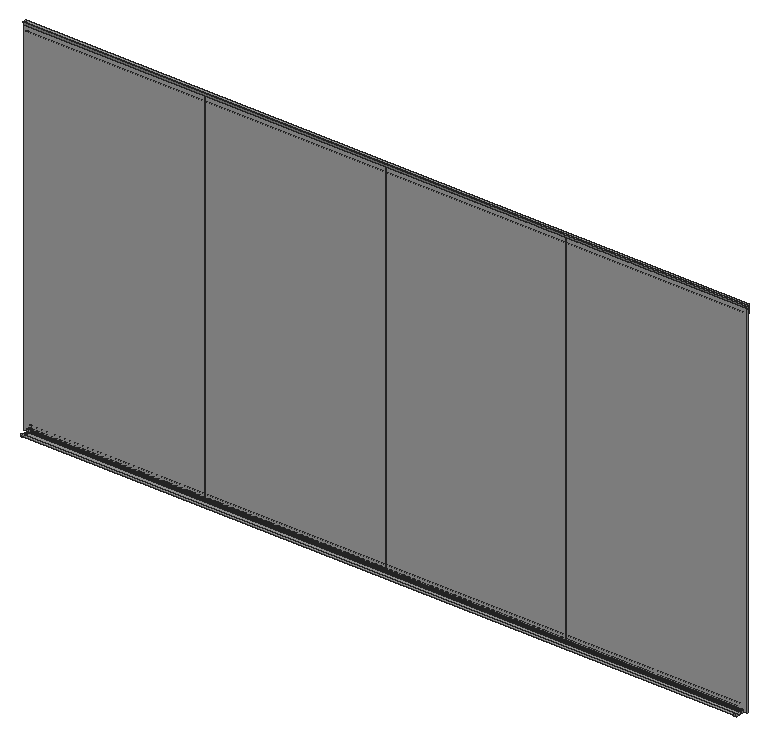
Revit family "Fluent Glass Wall 8x16", category Generic Models, Revit 2018
Family settings
  Can host rebar = No
  Round Connector Dimension = Use Diameter
  Part Type = Normal
  Work Plane-Based = No
  Always vertical = Yes
  Cut with Voids When Loaded = No
  Shared = No
  Room Calculation Point = No
Parameters
  Panel #4 = Fluent Glass Wall 8x16 Panel #4
  Panel #3 = Fluent Glass Wall 8x16 Panel #3
  Panel #2 = Fluent Glass Wall 8x16 Panel #2
  Panel #1 = Fluent Glass Wall 8x16 Panel #1
Reference planes (in)
  plane 1 "Center (Front/Back)": y = 0
  plane 2: z = 0
  plane 3 "Center (Left/Right)": x = 0
Forms (in)
  Extrusion 1, solid, material "Fluent Glass Wall Trim Metal"
    sketch origin (-47.24409, 0, -11.96875) x (0, 1, 0) y (0, 0, 1)
      loop
        line (-0.28802, 12.71551) -> (-0.28802, 12.22363) -> (-0.48802, 12.22363) -> (-0.48802, 12.77363) -> (-0.60087, 12.77363)
        arc (-0.60087, 12.77363) -> (-0.62209, 12.76485) -> (-0.63087, 12.74363) r 0.03
        line (-0.63087, 12.74363) -> (-0.63087, 12.45418)
        arc (-0.63087, 12.45418) -> (-0.67788, 12.32564) -> (-0.79672, 12.25776) r 0.19924
        arc (-0.79672, 12.25776) -> (-0.86084, 12.24904) -> (-0.92548, 12.24613) r 0.7187
        line (-0.92548, 12.24613) -> (-1.97548, 12.24613)
        arc (-1.97548, 12.24613) -> (-2.26159, 12.30205) -> (-2.50559, 12.4616) r 0.75985
        arc (-2.50559, 12.4616) -> (-2.80704, 12.55283) -> (-2.79142, 12.23827) r 0.19261
        arc (-2.79142, 12.23827) -> (-2.48945, 12.06146) -> (-2.14496, 12) r 0.99607
        line (-2.14496, 12) -> (0, 12) -> (0, 12.30193)
        arc (0, 12.30193) -> (-0.0275, 12.32943) -> (-0.055, 12.30193) r 0.0275
        line (-0.055, 12.30193) -> (-0.055, 12.20843) -> (-0.20802, 12.20843) -> (-0.20802, 12.69439) -> (-0.0848, 12.81762)
        arc (-0.0848, 12.81762) -> (-0.06815, 12.82253) -> (-0.055, 12.81121) r 0.01814
        line (-0.055, 12.81121) -> (-0.055, 12.65693)
        arc (-0.055, 12.65693) -> (-0.0275, 12.62943) -> (0, 12.65693) r 0.0275
        line (0, 12.65693) -> (0, 13.70847)
        arc (0, 13.70847) -> (-0.03996, 13.74843) -> (-0.07993, 13.70847) r 0.03996
        line (-0.07993, 13.70847) -> (-0.07993, 13.62094)
        arc (-0.07993, 13.62094) -> (-0.07047, 13.60109) -> (-0.05, 13.59302) r 0.03
        line (-0.05, 13.59302) -> (-0.05, 13.15338)
        arc (-0.05, 13.15338) -> (-0.07121, 13.14459) -> (-0.08, 13.12338) r 0.03
        line (-0.08, 13.12338) -> (-0.08, 12.92353) -> (-0.28802, 12.71551)
    from -46.26181 to 140.75
  Extrusion 2, solid, material "Fluent Glass Wall Trim Metal"
    sketch origin (-47.24409, 0, 12.64022) x (0, 1, 0) y (0, 0, 1)
      loop
        line (0, 83.35978) -> (-0.645, 83.35978)
        arc (-0.645, 83.35978) -> (-0.73852, 83.31739) -> (-0.76829, 83.21911) r 0.12436
        arc (-0.76829, 83.21911) -> (-0.57148, 82.66433) -> (-0.166, 82.23759) r 1.41542
        line (-0.166, 82.23759) -> (-0.166, 82.19574)
        arc (-0.166, 82.19574) -> (-0.16235, 82.17737) -> (-0.15194, 82.1618) r 0.048
        line (-0.15194, 82.1618) -> (-0.1, 82.10985) -> (-0.1, 81.00078)
        arc (-0.1, 81.00078) -> (-0.05, 80.95078) -> (0, 81.00078) r 0.05
        line (0, 81.00078) -> (0, 83.35978)
    from -47.24409 to 141.73228
  Extrusion 3, solid, material "Fluent Glass Wall 8x16 Panel #2" <- "Panel #2"
    sketch origin (-47.24409, 0, 0) x (0, 1, 0) y (0, 0, 1)
      loop
        line (-0.48802, 0.25488) -> (-0.28802, 0.25488) -> (-0.28802, 95.73) -> (-0.48802, 95.73) -> (-0.48802, 0.25488)
    from 0 to 47.24409
  Extrusion 4, solid, material "Fluent Glass Wall 8x16 Panel #1" <- "Panel #1"
    sketch origin (-47.24409, 0, 0) x (0, 1, 0) y (0, 0, -1)
      loop
        line (-0.48802, -0.25488) -> (-0.48802, -95.73) -> (-0.28802, -95.73) -> (-0.28802, -0.25488) -> (-0.48802, -0.25488)
    from 0 to 47.24409
  Extrusion 5, solid, material "Fluent Glass Wall Trim Black"
    sketch origin (-47.24409, 0, -11.96875) x (0, 1, 0) y (0, 0, -1)
      loop
        line (-0.48802, -12.80488) -> (-0.48802, -11.96875) -> (-2.14496, -11.96875)
        arc (-2.14496, -11.96875) -> (-2.49924, -12.03177) -> (-2.81005, -12.2131) r 1.02732
        arc (-2.81005, -12.2131) -> (-2.82851, -12.57569) -> (-2.47857, -12.47895) r 0.22386
        arc (-2.47857, -12.47895) -> (-2.24646, -12.32965) -> (-1.97548, -12.27738) r 0.7286
        line (-1.97548, -12.27738) -> (-0.92548, -12.27738)
        arc (-0.92548, -12.27738) -> (-0.86355, -12.28017) -> (-0.80213, -12.28853) r 0.68745
        arc (-0.80213, -12.28853) -> (-0.70181, -12.34573) -> (-0.66212, -12.45418) r 0.16799
        line (-0.66212, -12.45418) -> (-0.66212, -12.74363)
        arc (-0.66212, -12.74363) -> (-0.64418, -12.78694) -> (-0.60087, -12.80488) r 0.06125
        line (-0.60087, -12.80488) -> (-0.48802, -12.80488)
    from 45.75863 to 46.29027
  Extrusion 6, solid, material "Fluent Glass Wall 8x16 Panel #3" <- "Panel #3"
    sketch origin (0, 0, 0) x (0, 1, 0) y (0, 0, 1)
      loop
        line (-0.48802, 0.25488) -> (-0.28802, 0.25488) -> (-0.28802, 95.73) -> (-0.48802, 95.73) -> (-0.48802, 0.25488)
    from 0 to 47.24409
  Extrusion 7, solid, material "Fluent Glass Wall 8x16 Panel #4" <- "Panel #4"
    sketch origin (47.24409, 0, 0) x (0, 1, 0) y (0, 0, 1)
      loop
        line (-0.48802, 0.25488) -> (-0.28802, 0.25488) -> (-0.28802, 95.73) -> (-0.48802, 95.73) -> (-0.48802, 0.25488)
    from 0 to 47.24409
  Extrusion 8, solid, material "Fluent Glass Wall Trim Black"
    sketch origin (47.24409, 0, -11.96875) x (0, 1, 0) y (0, 0, 1)
      loop
        line (-0.48802, 12.80488) -> (-0.60087, 12.80488)
        arc (-0.60087, 12.80488) -> (-0.64418, 12.78694) -> (-0.66212, 12.74363) r 0.06125
        line (-0.66212, 12.74363) -> (-0.66212, 12.45418)
        arc (-0.66212, 12.45418) -> (-0.70181, 12.34573) -> (-0.80213, 12.28853) r 0.16799
        arc (-0.80213, 12.28853) -> (-0.86355, 12.28017) -> (-0.92548, 12.27738) r 0.68745
        line (-0.92548, 12.27738) -> (-1.97548, 12.27738)
        arc (-1.97548, 12.27738) -> (-2.24646, 12.32965) -> (-2.47857, 12.47895) r 0.7286
        arc (-2.47857, 12.47895) -> (-2.82851, 12.57569) -> (-2.81005, 12.2131) r 0.22386
        arc (-2.81005, 12.2131) -> (-2.49924, 12.03177) -> (-2.14496, 11.96875) r 1.02732
        line (-2.14496, 11.96875) -> (-0.48802, 11.96875) -> (-0.48802, 12.80488)
    from 45.75863 to 46.29027
Dimensions and locks (in)
  aligned and locked: level to plane 2
